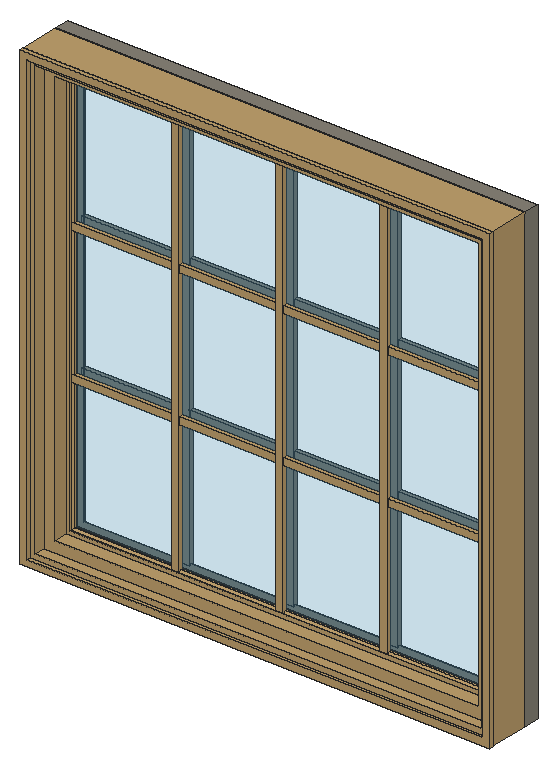
Revit family
Parameters (values of type "CUCAP4848")
  Window Type = "Clad Ultimate Casement Tripane Picture Unit"
  URL = "www.marvin.com"
  Prairie Corner Width = 0' - 4"
  Prairie Corner Height = 0' - 4"
  Nominal Width = 4' - 0"
  Nominal Height = 4' - 0"
  Muntins Interior Material = Wood-Marvin-Pine
  Muntins Exterior Material = Aluminum-Marvin-Bronze
  Model = "CUCAP4848"
  Manufacturer = "Marvin Windows and Doors"
  Lites Wide = 4
  Lites High = 3
  Lite Cut Prairie 9 = no
  Lite Cut HV Grid = not(Lite Cut Prairie 9)  # yes
  Label Visibility = no
  Interior Material = Wood-Marvin-Pine
  Glazing Material = Glass-Marvin-IG Low E II with Argon
  Glass Type = "IG Low E II with Argon - Tripane"
  Frame = "Aluminum Clad"
  Family created by = "www.rbuiltcomponents.com"
  Rough Width = Width + 0' 1"  # 4' - 1"
  Rough Height = Height + 0' 0 1/2"  # 3' - 11 5/8"
  Muntins Interior Visibility = yes
  Muntins Exterior Visibility = yes
  Jamb Extension Visibility = yes
  Inset to Installation Flange [instance] = 0' - 1"
  Height = Nominal Height - 0' 0 7/8"  # 3' - 11 1/8"
  Design Pressure = "DP50"
  Description = "4848 Fixed"
  Default Head Height = 8' - 0"
  Wall Closure = (empty or 0)
  Width = Nominal Width  # 4' - 0"
  Daylight Area = DLO Width * DLO Height  # 12.1033 SF
  DLO Width = Width - 0' 5 13/16"  # 3' - 6 3/16"
  DLO Height = Height - 0' 5 13/16"  # 3' - 5 5/16"
  Cladding Material = Aluminum-Marvin-Bronze
  Assembly Code = ""
Reference planes (in)
  plane 1 "Center (Front/Back)": y = 0
  plane 2: z = 0
  plane 3 "Center (Left/Right)": x = -3
  plane 4 "Left": x = -27
  plane 5 "Right": x = 21
  plane 6 "Sill": z = 48.875
  plane 7 "Top": z = 96
  plane 8 "Inset": y = 2
  plane 9 "Glazing": y = 1.5
  plane 10 "Jamb Ext Face": y = -2.5625
  plane 11: z = 72.4375
  plane 12: y = -2.625
Forms (in)
  Sweep 1, solid, material "Aluminum-Marvin-Bronze" <- "Cladding Material"
    path origin (0, 1.5, 0) x (1, 0, 0) y (0, 0, 1)
      loop
        line (-27, 96) -> (-27, 48.875) -> (21, 48.875) -> (21, 96) -> (-27, 96)
    profile "Profile_Ext_Clad_Frame : Profile_Ext_Clad_Frame" origin (-27, 1.5, 72.4375) x (1, 0, 0) y (0, -1, 0)
      loop
        line (0, 0) -> (0, -1.59375) -> (0.52105, -1.59375) -> (0.60565, -0.38401) -> (2.696, -0.38401) -> (2.696, -0.2654) -> (2.896, -0.0654) -> (2.896, 0) -> (0, 0)
  Sweep 2, solid, material "Wood-Marvin-Pine" <- "Interior Material"
    path origin (0, 1.5, 0) x (1, 0, 0) y (0, 0, 1)
      loop
        line (-27, 96) -> (-27, 48.875) -> (21, 48.875) -> (21, 96) -> (-27, 96)
    profile "Profile_Int_Frame : Profile_Int_Frame" origin (-27, 1.5, 72.4375) x (1, 0, 0) y (0, -1, 0)
      loop
        line (0, 0) -> (2.208, 0) -> (2.208, 1.0035) -> (2.896, 1.0035) -> (2.896, 1.20016) -> (2.7085, 1.38766) -> (2.7085, 1.4875) -> (2.30184, 1.4875) -> (2.30184, 2.96164) -> (1.188, 2.96164) -> (1.188, 4.0625) -> (0, 4.0625) -> (0, 0)
  Extrusion 3, solid, material "Wood-Marvin-Pine" <- "Interior Material", visible <- "Jamb Extension Visibility", detail levels medium+fine
    sketch origin (0, -2.5625, 0) x (1, 0, 0) y (0, 0, 1)
      loop
        line (-27, 96) -> (-27, 48.875) -> (21, 48.875) -> (21, 96) -> (-27, 96)
      loop
        line (-26.3125, 49.5625) -> (20.3125, 49.5625) -> (20.3125, 95.3125) -> (-26.3125, 95.3125) -> (-26.3125, 49.5625)
    from 0.0625 to 0.4375
  Extrusion 4, solid, material "Glass-Marvin-IG Low E II with Argon" <- "Glazing Material"
    sketch origin (0, 1.5, 0) x (1, 0, 0) y (0, 0, 1)
      loop
        line (18.65625, 93.65625) -> (-24.65625, 93.65625) -> (-24.65625, 51.21875) -> (18.65625, 51.21875) -> (18.65625, 93.65625)
    from 0 to 0.125
  Extrusion 5, solid, material "Glass-Marvin-IG Low E II with Argon" <- "Glazing Material"
    sketch origin (0, 1.5, 0) x (1, 0, 0) y (0, 0, 1)
      loop
        line (18.65625, 93.65625) -> (-24.65625, 93.65625) -> (-24.65625, 51.21875) -> (18.65625, 51.21875) -> (18.65625, 93.65625)
    from 0.875 to 1
Lines and regions (in)
  Opening 1
    outline origin (-60, -3, 0) x (1, 0, 0) y (0, 0, 1)
      loop
        line (33, 96) -> (33, 48.875) -> (81, 48.875) -> (81, 96) -> (33, 96)
  Masking region 1
    outline origin (0, 0, 48.875) x (0, -1, 0) y (1, 0, 0)
      loop
        line (-3.09375, -27) -> (2.5625, -27) -> (2.5625, 21) -> (-3.09375, 21) -> (-3.09375, -27)
  Masking region 2
    outline origin (-3, 0, 0) x (0, 1, 0) y (0, 0, 1)
      loop
        line (3.09375, 96) -> (-2.5625, 96) -> (-2.5625, 48.875) -> (3.09375, 48.875) -> (3.09375, 96)
  Masking region 3, visible <- "Jamb Extension Visibility"
    outline origin (0, 0, 0) x (1, 0, 0) y (0, 1, 0)
      loop
        line (-27, -2.625) -> (-27, -3) -> (21, -3) -> (21, -2.625) -> (-27, -2.625)
  Masking region 4, visible <- "Jamb Extension Visibility"
    outline origin (-3, 0, 0) x (0, 1, 0) y (0, 0, 1)
      loop
        line (-2.625, 96) -> (-3, 96) -> (-3, 48.875) -> (-2.625, 48.875) -> (-2.625, 96)
  symbolic lines, style "Jamb Extension", visible <- "Jamb Extension Visibility", detail levels fine
    curve 1: line (-27, -3, 48.875) -> (-26.3125, -3, 48.875)
    curve 2: line (-26.3125, -3, 48.875) -> (-26.3125, -2.625, 48.875)
    curve 3: line (21, -3, 48.875) -> (20.3125, -3, 48.875)
    curve 4: line (20.3125, -3, 48.875) -> (20.3125, -2.625, 48.875)
    curve 5: line (-3, -3, 95.3125) -> (-3, -2.625, 95.3125)
    curve 6: line (-3, -3, 49.5625) -> (-3, -2.625, 49.5625)
  symbolic lines, style "WindowsFrameMullionProjection", detail levels coarse+medium
    curve 7: line (21, -2.5625, 0) -> (19.812, -2.5625, 0)
    curve 8: line (19.812, -2.5625, 0) -> (19.812, 3.09375, 0)
    curve 9: line (19.812, 3.09375, 0) -> (21, 3.09375, 0)
    curve 10: line (19.812, 1.88401, 0) -> (18.104, 1.88401, 0)
    curve 11: line (18.104, 1.88401, 0) -> (18.104, 0.0125, 0)
    curve 12: line (-25.812, 0.0125, 0) -> (-24.13337, 0.0125, 0)
    curve 13: line (-27, -2.5625, 0) -> (-25.812, -2.5625, 0)
    curve 14: line (-25.812, -2.5625, 0) -> (-25.812, 3.09375, 0)
    curve 15: line (-25.812, 3.09375, 0) -> (-27, 3.09375, 0)
    curve 16: line (-24.13337, 1.88401, 0) -> (-24.13337, 0.0125, 0)
    curve 17: line (-3, 3.09375, 96) -> (-3, 3.09375, 94.812)
    curve 18: line (-3, 3.09375, 94.812) -> (-3, -2.5625, 94.812)
    curve 19: line (-3, -2.5625, 94.812) -> (-3, -2.5625, 96)
    curve 20: line (-3, 1.875, 94.812) -> (-3, 1.875, 93.104)
    curve 21: line (-3, 1.875, 93.104) -> (-3, 0.00901, 93.104)
    curve 22: line (-3, 0.00901, 50.063) -> (-3, 0.00901, 51.771)
    curve 23: line (-3, 3.09375, 48.875) -> (-3, 3.09375, 50.063)
    curve 24: line (-3, 3.09375, 50.063) -> (-3, -2.5625, 50.063)
    curve 25: line (-3, -2.5625, 50.063) -> (-3, -2.5625, 48.875)
    curve 26: line (-3, 1.875, 51.771) -> (-3, 0.00901, 51.771)
    curve 29: line (18.104, 1.88401, 0) -> (-24.13337, 1.88401, 0)
    curve 30: line (18.104, 0.0125, 0) -> (19.812, 0.0125, 0)
    curve 31: line (-24.13337, 0.0125, 0) -> (18.104, 0.0125, 0)
    curve 32: line (-24.13337, 1.88401, 0) -> (-25.812, 1.88401, 0)
    curve 33: line (-3, 0.00901, 51.771) -> (-3, 0.00901, 93.104)
    curve 34: line (-3, 1.875, 51.771) -> (-3, 1.875, 50.063)
    curve 35: line (-3, 0.00901, 93.104) -> (-3, 0.00901, 94.812)
    curve 36: line (-3, 1.875, 93.104) -> (-3, 1.875, 51.771)
  symbolic lines, style "WindowsGlassProjection", detail levels coarse+medium
    curve 27: line (-3, 1.07151, 93.104) -> (-3, 1.07151, 51.771)
    curve 28: line (-24.13337, 1.07351, 0) -> (18.104, 1.07351, 0)
  symbolic lines, style "WindowsFrameMullionProjection"
    curve 37: line (-3, -2.5625, 50.063) -> (-3, -2.5625, 94.812)
    curve 38: line (-25.812, -2.5625, 48.875) -> (19.812, -2.5625, 48.875)
  symbolic lines, style "WindowsFrameMullionProjection", visible <- "Jamb Extension Visibility", detail levels coarse+medium
    curve 39: line (-26.3125, -2.625, 48.875) -> (-26.3125, -3, 48.875)
    curve 40: line (-26.3125, -3, 48.875) -> (-27, -3, 48.875)
    curve 41: line (20.3125, -2.625, 48.875) -> (20.3125, -3, 48.875)
    curve 42: line (20.3125, -3, 48.875) -> (21, -3, 48.875)
    curve 45: line (-3, -2.625, 95.3125) -> (-3, -3, 95.3125)
    curve 46: line (-3, -3, 95.3125) -> (-3, -3, 96)
    curve 47: line (-3, -2.625, 49.5625) -> (-3, -3, 49.5625)
    curve 48: line (-3, -3, 49.5625) -> (-3, -3, 48.875)
  symbolic lines, style "Jamb Extension", visible <- "Jamb Extension Visibility"
    curve 43: line (-3, -3, 49.5625) -> (-3, -3, 48.875)
    curve 44: line (-3, -3, 95.3125) -> (-3, -3, 96)
Text (in)
  text "EXTERIOR" at (-58.6888, 50.90694, 0), in view "Ref. Level"
  text "INTERIOR" at (-58.6888, -37.76638, 0), in view "Ref. Level"
  text "Exterior" at (0, 43.65631, 123.19604), in view "Left"
  text "Exterior" at (0, 18.29385, 125.04747), in view "Right"
Dimensions and locks (in)
  equal spacing: plane 4 "Left", plane 3 "Center (Left/Right)", plane 5 "Right"
  "Width": plane 4 "Left" to plane 5 "Right"
  "Height": plane 6 "Sill" to plane 7 "Top"
  "Inset to Installation Flange": host wall to plane 8 "Inset"
  locked: plane 9 "Glazing" to plane 8 "Inset" at 0.5
  locked: plane 10 "Jamb Ext Face" to plane 8 "Inset" at 4.5625
  locked: Extrusion 4 sketch curve to plane 5 "Right" at 2.34375
  locked: plane 4 "Left" to Extrusion 4 sketch curve at 2.34375
  locked: Extrusion 4 sketch curve to plane 7 "Top" at 2.34375
  locked: plane 6 "Sill" to Extrusion 4 sketch curve at 2.34375
  plane 8 "Inset" to curve 20 to curve 35 = 0' - 0 1/8" locked, 0' - 1.86599" locked
  equal spacing: curve 30, curve 10, plane 8 "Inset"
  locked: nested 3 to plane 9 "Glazing" at 1
  equal spacing: plane 6 "Sill", plane 11, plane 7 "Top"
  "Default Head Height": plane 2 to plane 7 "Top"
  locked: Extrusion 3 sketch curve to Extrusion 3 sketch curve at 0.6875  (x2)
  locked: Sweep 2 to Extrusion 3 sketch curve at 0.6875
  locked: plane 7 "Top" to Extrusion 3 sketch curve at 0.6875
  locked: nested 5 to host wall at 12.00106
  locked: Extrusion 5 sketch curve to plane 7 "Top" at 2.34375
  locked: Extrusion 5 sketch curve to plane 5 "Right" at 2.34375
  locked: plane 6 "Sill" to Extrusion 5 sketch curve at 2.34375
  locked: plane 4 "Left" to Extrusion 5 sketch curve at 2.34375
  locked: plane 9 "Glazing" to Extrusion 4 at 0.125
  locked: plane 9 "Glazing" to Extrusion 5 at 0.875
  locked: plane 9 "Glazing" to Extrusion 5 at 1
  locked: Extrusion 5 to Extrusion 5 at 0.125
  locked: plane 12 to plane 10 "Jamb Ext Face" at 0.0625
  aligned and locked: plane 7 "Top" to Opening 1 sketch curve
  aligned and locked: plane 6 "Sill" to Opening 1 sketch curve  (x2)
  aligned and locked: plane 5 "Right" to Opening 1 sketch curve
  aligned and locked: plane 4 "Left" to Opening 1 sketch curve
  aligned and locked: nested 1 to plane 3 "Center (Left/Right)"
  aligned and locked: plane 8 "Inset" to nested 1
  aligned and locked: host wall to curve 1
  aligned and locked: curve 3 to host wall
  aligned and locked: plane 7 "Top" to Sweep 1 sketch curve
  aligned and locked: Sweep 1 sketch curve to plane 6 "Sill"
  aligned and locked: plane 5 "Right" to Sweep 1 sketch curve
  aligned and locked: Sweep 1 sketch curve to plane 4 "Left"
  aligned and locked: Sweep 2 sketch curve to plane 4 "Left"
  aligned and locked: plane 5 "Right" to Sweep 2 sketch curve
  aligned and locked: plane 7 "Top" to Sweep 2 sketch curve
  aligned and locked: Sweep 2 sketch curve to plane 6 "Sill"
  aligned and locked: plane 6 "Sill" to nested 2
  aligned and locked: plane 8 "Inset" to nested 2
  aligned and locked: Extrusion 3 sketch curve to plane 6 "Sill"
  aligned and locked: plane 5 "Right" to Extrusion 3 sketch curve
  aligned and locked: plane 11 to nested 3
  aligned and locked: plane 9 "Glazing" to nested 4
  aligned and locked: nested 4 to plane 11
  aligned and locked: nested 4 to plane 3 "Center (Left/Right)"
  aligned and locked: plane 3 "Center (Left/Right)" to nested 3
  aligned and locked: plane 5 "Right" to Masking region 1 sketch curve
  aligned and locked: Masking region 1 sketch curve to plane 4 "Left"
  aligned and locked: Masking region 1 sketch curve to Sweep 1
  aligned and locked: Masking region 2 sketch curve to Sweep 1
  aligned and locked: plane 7 "Top" to Masking region 2 sketch curve
  aligned and locked: Masking region 2 sketch curve to plane 6 "Sill"
  aligned and locked: host wall to Extrusion 3
  aligned and locked: Sweep 1 to curve 15
  aligned and locked: curve 9 to Sweep 1
  aligned and locked: curve 23 to Sweep 1
  aligned and locked: curve 17 to Sweep 1
  aligned and locked: plane 3 "Center (Left/Right)" to nested 5
  aligned and locked: Extrusion 3 sketch curve to plane 4 "Left"
  aligned and locked: plane 7 "Top" to Extrusion 3 sketch curve
  aligned and locked: curve 5 to Extrusion 3
  aligned and locked: curve 2 to Extrusion 3
  aligned and locked: curve 4 to Extrusion 3
  aligned and locked: plane 10 "Jamb Ext Face" to curve 13
  aligned and locked: curve 7 to plane 10 "Jamb Ext Face"
  aligned and locked: curve 38 to curve 14
  aligned and locked: curve 38 to curve 8
  aligned and locked: plane 10 "Jamb Ext Face" to curve 38
  aligned and locked: plane 4 "Left" to curve 40
  aligned and locked: curve 39 to Extrusion 3
  aligned and locked: curve 40 to host wall
  aligned and locked: plane 5 "Right" to curve 42
  aligned and locked: Extrusion 3 to curve 41
  aligned and locked: host wall to curve 42
  aligned and locked: curve 25 to plane 10 "Jamb Ext Face"
  aligned and locked: curve 24 to curve 37
  aligned and locked: plane 6 "Sill" to curve 43
  aligned and locked: curve 43 to Extrusion 3
  aligned and locked: curve 43 to host wall
  aligned and locked: plane 10 "Jamb Ext Face" to curve 19
  aligned and locked: plane 7 "Top" to curve 44
  aligned and locked: plane 7 "Top" to curve 46
  aligned and locked: host wall to curve 46
  aligned and locked: Extrusion 3 to curve 45
  aligned and locked: plane 6 "Sill" to curve 48
  aligned and locked: curve 47 to Extrusion 3
  aligned and locked: Sweep 2 to curve 37
  aligned and locked: Extrusion 4 to plane 9 "Glazing"
  aligned and locked: Sweep 1 to curve 10
  aligned and locked: Sweep 1 to curve 32
  aligned and locked: curve 12 to Sweep 2
  aligned and locked: Sweep 2 to curve 30
  aligned and locked: curve 8 to nested 1
  aligned and locked: Sweep 2 to curve 14
  aligned and locked: Extrusion 3 to plane 12
  aligned and locked: plane 12 to curve 2
  aligned and locked: plane 12 to curve 39
  aligned and locked: plane 12 to curve 4
  aligned and locked: plane 12 to curve 41
  aligned and locked: plane 12 to curve 5
  aligned and locked: plane 12 to curve 45
  aligned and locked: plane 12 to curve 6
  aligned and locked: plane 12 to curve 47
  aligned and locked: plane 12 to Masking region 3 sketch curve
  aligned and locked: Masking region 3 sketch curve to host wall
  aligned and locked: Masking region 3 sketch curve to plane 4 "Left"
  aligned and locked: plane 5 "Right" to Masking region 3 sketch curve
  aligned and locked: plane 12 to Masking region 4 sketch curve
  aligned and locked: Masking region 4 sketch curve to host wall
  aligned and locked: plane 7 "Top" to Masking region 4 sketch curve
  aligned and locked: Masking region 4 sketch curve to plane 6 "Sill"
  aligned and locked: Masking region 1 sketch curve to plane 10 "Jamb Ext Face"
  aligned and locked: Masking region 2 sketch curve to plane 10 "Jamb Ext Face"
  aligned and locked: curve 24 to Sweep 2
  aligned and locked: curve 34 to nested 2
  aligned and locked: curve 18 to Sweep 2
  aligned and locked: curve 21 to Sweep 2
  aligned and locked: curve 26 to Sweep 2
Automatic sketch dimensions
  curve 13 to plane 4 "Left" = 0' - 0"
  curve 15 to plane 4 "Left" = 0' - 0"
  curve 7 to plane 5 "Right" = 0' - 0"
  curve 9 to plane 5 "Right" = 0' - 0"
  plane 9 "Glazing" to curve 28 = 0' - 0.42649"
  curve 11 to curve 30 = 0' - 1.708"
  curve 1 to plane 4 "Left" = 0' - 0"
  curve 3 to plane 5 "Right" = 0' - 0"
  curve 12 to curve 16 = 0' - 1.67863"
  plane 6 "Sill" to curve 25 = 0' - 0"
  plane 6 "Sill" to curve 23 = 0' - 0"
  plane 7 "Top" to curve 17 = 0' - 0"
  plane 7 "Top" to curve 19 = 0' - 0"
  plane 9 "Glazing" to curve 27 = 0' - 0.42849"
Nested families (in)
  nested 1: "Casement_Plan_Detail" at (-3, 2, 48.875) x (-1, 0, 0) z (0, 0, -1), type "Casement_Plan_Detail", detail levels fine
    with Width 4' - 0"
  nested 2: "Casement_Section_Detail" at (-3, 2, 96) x (0, -1, 0) z (1, 0, 0), type "Casement_Section_Detail", detail levels fine
  nested 3: "Muntins" at (-3, 0.5, 15.78125), visible <- "Muntins Interior Visibility", Muntin Material <- "Muntins Interior Material", type "Muntins"
    with Muntin Material Wood-Marvin-Pine, GlazingWidth 3' - 6 3/16", GlazingHeight 3' - 5 5/16", Width 3' - 6 5/8", VerticalMuntins 3, LitesHorizontal 4, Height 3' - 5 3/4", Inset Vert 0' - 10 9/32", Inset Horiz 1' - 1.54167"
  nested 4: "Muntins" at (-3, 1.5, 15.78125), visible <- "Muntins Exterior Visibility", Muntin Material <- "Muntins Exterior Material", type "Muntins"
    with Muntin Material Aluminum-Marvin-Bronze, GlazingWidth 3' - 6 3/16", GlazingHeight 3' - 5 5/16", Width 3' - 6 5/8", VerticalMuntins 3, LitesHorizontal 4, Height 3' - 5 3/4", Inset Vert 0' - 10 9/32", Inset Horiz 1' - 1.54167"
  nested 5: "Label Annotation 1-16 w" at (-3, 15.00106, 0), visible <- "Label Visibility", type "Label Annotation 1-16 w"
Definition of nested family "Muntins"
  Parameters (values of type "Muntins")
    PrairieMuntVisible = no
    Prairie Corner Width = 0' - 4"
    Prairie Corner Height = 0' - 4"
    Muntin Extension = 0' - 0 7/16"
    GridMuntVisible = yes
    GlazingWidth = 2' - 0"
    GlazingHeight = 2' - 11 1/8"
    Width = GlazingWidth + Muntin Extension  # 2' - 0 7/16"
    VerticalMuntins = if(LitesHorizontal < 3, 2, LitesHorizontal - 1)  # 2
    VertMuntVisible = and(GridMuntVisible, LitesHorizontal > 2)  # yes
    MuntinWidth = 0' - 0 3/4"
    MuntinDepth [instance] = 0' - 0 3/8"
    Muntin Material [instance] = none
    LitesVertical = 3
    LitesHorizontal = 3
    HorizontalMuntins = if(LitesVertical < 3, 2, LitesVertical - 1)  # 2
    HorizMuntVisible = and(GridMuntVisible, LitesVertical > 2)  # yes
    Height = GlazingHeight + Muntin Extension  # 2' - 11 9/16"
    Inset Vert = if(LitesHorizontal < 3, (Width / 3) - (MuntinWidth / 2), (Width / LitesHorizontal) - (MuntinWidth / 2))  # 0' - 7.77083"
    Inset Horiz = if(LitesVertical < 3, (Height / 3) - (MuntinWidth / 2), (Height / LitesVertical) - (MuntinWidth / 2))  # 0' - 11.47917"
    CenterMuntinVertical = and(GridMuntVisible, LitesHorizontal = 2)  # no
    CenterMuntinHorizontal = and(GridMuntVisible, LitesVertical = 2)  # no
    Assembly Code = ""
  Reference planes (in)
    plane 1 "Center (Front/Back)": y = 0
    plane 2: z = 0
    plane 3 "Center (Left/Right)": x = 0
    plane 4: z = 35.78125
    plane 5: z = 53.5625
    plane 6: z = 71.34375
    plane 7: z = 59.86458
    plane 8: z = 47.26042
    plane 9: z = 71.125
    plane 10: z = 36
    plane 11: x = -12
    plane 12: x = 12
    plane 13: x = -4.44792
    plane 14: x = -12.21875
    plane 15: x = 12.21875
    plane 16: x = 4.44792
    plane 17: z = 67.125
    plane 18: z = 40
    plane 19: x = -8
    plane 20: x = 8
  Forms (in)
    Extrusion 1, solid, material <- "Muntin Material", visible <- "CenterMuntinVertical", detail levels medium+fine
      sketch origin (9, 0, 0) x (1, 0, 0) y (0, 0, 1)
        loop
          line (-9.375, 71.34375) -> (-9.375, 35.78125) -> (-8.625, 35.78125) -> (-8.625, 71.34375) -> (-9.375, 71.34375)
      from 0 to 0.375 <- "MuntinDepth"
    Extrusion 2, solid, material <- "Muntin Material", visible <- "CenterMuntinHorizontal", detail levels medium+fine
      sketch origin (-0.0013, 0, 14.6875) x (1, 0, 0) y (0, 0, 1)
        loop
          line (-12.21745, 39.25) -> (-12.21745, 38.5) -> (12.22005, 38.5) -> (12.22005, 39.25) -> (-12.21745, 39.25)
      from 0 to 0.375 <- "MuntinDepth"
    Extrusion 3, solid, material <- "Muntin Material", visible <- "VertMuntVisible", detail levels medium+fine
      sketch origin (4.92708, 0, -2.90625) x (1, 0, 0) y (0, 0, 1)
        loop
          line (-9.375, 74.25) -> (-9.375, 38.6875) -> (-8.625, 38.6875) -> (-8.625, 74.25) -> (-9.375, 74.25)
      from 0 to 0.375 <- "MuntinDepth"
    Extrusion 4, solid, material <- "Muntin Material", visible <- "HorizMuntVisible", detail levels medium+fine
      sketch origin (-3.09635, 0, 14.17708) x (1, 0, 0) y (0, 0, 1)
        loop
          line (-9.1224, 45.6875) -> (-9.1224, 44.9375) -> (15.3151, 44.9375) -> (15.3151, 45.6875) -> (-9.1224, 45.6875)
      from 0 to 0.375 <- "MuntinDepth"
    Extrusion 5, solid, material <- "Muntin Material", visible <- "HorizMuntVisible", detail levels medium+fine
      sketch origin (-3.09635, 0, 2.32292) x (1, 0, 0) y (0, 0, 1)
        loop
          line (-9.1224, 45.6875) -> (-9.1224, 44.9375) -> (15.3151, 44.9375) -> (15.3151, 45.6875) -> (-9.1224, 45.6875)
      from 0 to 0.375 <- "MuntinDepth"
    Extrusion 6, solid, material <- "Muntin Material", visible <- "VertMuntVisible", detail levels medium+fine
      sketch origin (13.07292, 0, -2.90625) x (1, 0, 0) y (0, 0, 1)
        loop
          line (-9.375, 74.25) -> (-9.375, 38.6875) -> (-8.625, 38.6875) -> (-8.625, 74.25) -> (-9.375, 74.25)
      from 0 to 0.375 <- "MuntinDepth"
    Extrusion 7, solid, material <- "Muntin Material", visible <- "PrairieMuntVisible", detail levels medium+fine
      sketch origin (1, 0, 0) x (1, 0, 0) y (0, 0, 1)
        loop
          line (-9, 71.34375) -> (-9, 35.78125) -> (-8.25, 35.78125) -> (-8.25, 71.34375) -> (-9, 71.34375)
      from 0 to 0.375 <- "MuntinDepth"
    Extrusion 8, solid, material <- "Muntin Material", visible <- "PrairieMuntVisible", detail levels medium+fine
      sketch origin (17, 0, 0) x (1, 0, 0) y (0, 0, 1)
        loop
          line (-9.75, 71.34375) -> (-9.75, 35.78125) -> (-9, 35.78125) -> (-9, 71.34375) -> (-9.75, 71.34375)
      from 0 to 0.375 <- "MuntinDepth"
    Extrusion 9, solid, material <- "Muntin Material", visible <- "PrairieMuntVisible", detail levels medium+fine
      sketch origin (-0.0013, 0, 28.25) x (1, 0, 0) y (0, 0, 1)
        loop
          line (-12.21745, 38.875) -> (-12.21745, 38.125) -> (12.22005, 38.125) -> (12.22005, 38.875) -> (-12.21745, 38.875)
      from 0 to 0.375 <- "MuntinDepth"
    Extrusion 10, solid, material <- "Muntin Material", visible <- "PrairieMuntVisible", detail levels medium+fine
      sketch origin (-0.0013, 0, 1.125) x (1, 0, 0) y (0, 0, 1)
        loop
          line (-12.21745, 39.625) -> (-12.21745, 38.875) -> (12.22005, 38.875) -> (12.22005, 39.625) -> (-12.21745, 39.625)
      from 0 to 0.375 <- "MuntinDepth"
  Cuts and joins
    joined: Extrusion 7, Extrusion 8, Extrusion 9, Extrusion 10
  Lines and regions (in)
    model lines, style "Muntins", visible <- "CenterMuntinHorizontal", detail levels coarse
      curve 1: line (-12.21875, 0, 53.5625) -> (12.21875, 0, 53.5625)
    model lines, style "Muntins", visible <- "HorizMuntVisible", detail levels coarse
      curve 2: line (-12.21875, 0, 59.48958) -> (12.21875, 0, 59.48958)
      curve 3: line (-12.21875, 0, 47.63542) -> (12.21875, 0, 47.63542)
    model lines, style "Muntins", visible <- "CenterMuntinVertical", detail levels coarse
      curve 4: line (0, 0, 71.34375) -> (0, 0, 35.78125)
    model lines, style "Muntins", visible <- "VertMuntVisible", detail levels coarse
      curve 5: line (-4.07292, 0, 71.34375) -> (-4.07292, 0, 35.78125)
      curve 6: line (4.07292, 0, 71.34375) -> (4.07292, 0, 35.78125)
    model lines, style "Muntins", visible <- "PrairieMuntVisible", detail levels coarse
      curve 7: line (-12.21875, 0, 66.75) -> (12.21875, 0, 66.75)
      curve 8: line (-12.21875, 0, 40.375) -> (12.21875, 0, 40.375)
      curve 9: line (-7.625, 0, 35.78125) -> (-7.625, 0, 71.34375)
      curve 10: line (7.625, 0, 35.78125) -> (7.625, 0, 71.34375)
  Dimensions and locks (in)
    "Inset Horiz": plane 6 to plane 7
    "Inset Horiz": plane 8 to plane 4
    equal spacing: plane 6, plane 5, plane 4
    "Height": plane 6 to plane 4
    "GlazingHeight": plane 9 to plane 10
    equal spacing: plane 9, plane 5, plane 10
    "GlazingWidth": plane 12 to plane 11
    equal spacing: plane 12, plane 3 "Center (Left/Right)", plane 11
    "MuntinWidth": Extrusion 1 sketch curve to Extrusion 1 sketch curve
    "Height": Extrusion 1 sketch curve to Extrusion 1 sketch curve
    "MuntinWidth": Extrusion 2 sketch curve to Extrusion 2 sketch curve
    "Width": Extrusion 2 sketch curve to Extrusion 2 sketch curve
    "MuntinWidth": Extrusion 3 sketch curve to Extrusion 3 sketch curve
    "Height": Extrusion 3 sketch curve to Extrusion 3 sketch curve
    "Width": plane 15 to plane 14
    equal spacing: plane 15, plane 3 "Center (Left/Right)", plane 14
    "Inset Vert": plane 13 to plane 14
    "Inset Vert": plane 15 to plane 16
    "MuntinWidth": Extrusion 4 sketch curve to Extrusion 4 sketch curve
    "Width": Extrusion 4 sketch curve to Extrusion 4 sketch curve
    "MuntinWidth": Extrusion 5 sketch curve to Extrusion 5 sketch curve
    "Width": Extrusion 5 sketch curve to Extrusion 5 sketch curve
    group 2 to group 3 = 0' - 0"  (x2)
    group 3 to group 2 = 0' - 11.85417"
    "MuntinWidth": Extrusion 6 sketch curve to Extrusion 6 sketch curve
    "Height": Extrusion 6 sketch curve to Extrusion 6 sketch curve
    group 4 to group 5 = 0' - 8.14583"
    group 4 to group 5 = 0' - 0"  (x2)
    "Prairie Corner Width": plane 19 to plane 11
    "Prairie Corner Width": plane 20 to plane 12
    "Prairie Corner Height": plane 9 to plane 17
    "Prairie Corner Height": plane 18 to plane 10
    "MuntinWidth": Extrusion 7 sketch curve to Extrusion 7 sketch curve
    "Height": Extrusion 7 sketch curve to Extrusion 7 sketch curve
    "MuntinWidth": Extrusion 8 sketch curve to Extrusion 8 sketch curve
    "Height": Extrusion 8 sketch curve to Extrusion 8 sketch curve
    "MuntinWidth": Extrusion 9 sketch curve to Extrusion 9 sketch curve
    "Width": Extrusion 9 sketch curve to Extrusion 9 sketch curve
    "MuntinWidth": Extrusion 10 sketch curve to Extrusion 10 sketch curve
    "Width": Extrusion 10 sketch curve to Extrusion 10 sketch curve
    aligned and locked: plane 6 to Extrusion 1  (x2)
    aligned and locked: Extrusion 1 to plane 4  (x3)
    aligned and locked: Extrusion 3 to plane 13  (x5)
    aligned and locked: Extrusion 3 to plane 4  (x3)
    aligned and locked: Extrusion 2 to plane 14
    aligned and locked: plane 15 to Extrusion 2
    aligned and locked: plane 6 to Extrusion 3
    aligned and locked: plane 7 to Extrusion 4
    aligned and locked: Extrusion 4 to plane 14
    aligned and locked: plane 15 to Extrusion 4
    aligned and locked: curve 1 to plane 5
    aligned and locked: plane 14 to curve 1
    aligned and locked: plane 15 to curve 1
    aligned and locked: Extrusion 5 to plane 14
    aligned and locked: Extrusion 5 to plane 8
    aligned and locked: plane 15 to Extrusion 5
    aligned and locked: Extrusion 5 to curve 3  (x2)
    aligned and locked: Extrusion 4 to curve 2  (x2)
    aligned and locked: curve 4 to plane 3 "Center (Left/Right)"
    aligned and locked: Extrusion 1 to curve 4  (x2)
    aligned and locked: Extrusion 3 to curve 5  (x2)
    aligned and locked: Extrusion 6 to curve 6  (x2)
    aligned and locked: Extrusion 6 to plane 16
    aligned and locked: plane 6 to Extrusion 6
    aligned and locked: plane 6 to curve 6
    aligned and locked: Extrusion 6 to plane 4
    aligned and locked: plane 4 to curve 6
    aligned and locked: cut or joined group of Extrusion 7, Extrusion 8, Extrusion 9, Extrusion 10 to plane 19
    aligned and locked: plane 20 to cut or joined group of Extrusion 7, Extrusion 8, Extrusion 9, Extrusion 10
    aligned and locked: plane 17 to cut or joined group of Extrusion 7, Extrusion 8, Extrusion 9, Extrusion 10
    aligned and locked: cut or joined group of Extrusion 7, Extrusion 8, Extrusion 9, Extrusion 10 to plane 18
    aligned and locked: cut or joined group of Extrusion 7, Extrusion 8, Extrusion 9, Extrusion 10 to curve 7  (x2)
    aligned and locked: cut or joined group of Extrusion 7, Extrusion 8, Extrusion 9, Extrusion 10 to curve 8  (x2)
    aligned and locked: cut or joined group of Extrusion 7, Extrusion 8, Extrusion 9, Extrusion 10 to curve 9  (x2)
    aligned and locked: cut or joined group of Extrusion 7, Extrusion 8, Extrusion 9, Extrusion 10 to curve 10  (x2)
  Automatic sketch dimensions
    Extrusion 1 sketch curve to plane 4 = 0' - 0"
    Extrusion 1 sketch curve to plane 3 "Center (Left/Right)" = 0' - 0 3/8"
    Extrusion 2 sketch curve to plane 14 = 0' - 0"
    Extrusion 2 sketch curve to plane 5 = 0' - 0 3/8"
    Extrusion 7 sketch curve to plane 4 = 0' - 0"
    Extrusion 7 sketch curve to plane 19 = 0' - 0"
    Extrusion 8 sketch curve to plane 4 = 0' - 0"
    Extrusion 8 sketch curve to plane 20 = 0' - 0 3/4"
    Extrusion 9 sketch curve to plane 14 = 0' - 0"
    Extrusion 9 sketch curve to plane 17 = 0' - 0 3/4"
    Extrusion 10 sketch curve to plane 14 = 0' - 0"
    Extrusion 10 sketch curve to plane 18 = 0' - 0"
    plane 19 to curve 9 = 0' - 0 3/8"
    curve 10 to plane 20 = 0' - 0 3/8"
    plane 18 to curve 8 = 0' - 0 3/8"
    curve 7 to plane 17 = 0' - 0 3/8"
Definition of nested family "Casement_Plan_Detail"
  Parameters (values of type "Casement_Plan_Detail")
    Width = 3' - 0"
    Assembly Code = ""
  Reference planes (in)
    plane 1 "Center (Front/Back)": y = 0
    plane 2: z = 0
    plane 3 "Center (Left/Right)": x = 0
    plane 4: x = -18
    plane 5: x = 18
  Lines and regions (in)
    detail lines, style "Cut Lines", in view "Ref. Level"
      curve 1: line (-15.647, -0.94049, 0) -> (15.647, -0.94049, 0)
      curve 2: line (-15.647, -1.06549, 0) -> (15.647, -1.06549, 0)
      curve 3: line (-15.647, -1.37799, 0) -> (15.647, -1.37799, 0)
      curve 4: line (-15.647, -1.50299, 0) -> (15.647, -1.50299, 0)
      curve 6: line (-15.647, -0.62799, 0) -> (15.647, -0.62799, 0)
      curve 7: line (-15.647, -0.50299, 0) -> (15.647, -0.50299, 0)
    detail lines, style "DetailComponentsHiddenLines", in view "Ref. Level"
      curve 5: line (-14.92484, -2.36899, 0) -> (14.96084, -2.36899, 0)
  Dimensions and locks (in)
    equal spacing: plane 4, plane 3 "Center (Left/Right)", plane 5
    "Width": plane 4 to plane 5
    aligned and locked: plane 1 "Center (Front/Back)" to nested 1
    aligned and locked: nested 1 to plane 4
    aligned and locked: plane 5 to nested 2
    aligned and locked: nested 2 to plane 1 "Center (Front/Back)"
    aligned and locked: nested 2 to nested 2
    aligned and locked: nested 1 to curve 5
    aligned and locked: curve 3 to nested 1  (x2)
    aligned and locked: nested 1 to curve 4
    aligned and locked: curve 2 to nested 1  (x2)
    aligned and locked: curve 1 to nested 1  (x2)
    aligned and locked: curve 6 to nested 1  (x2)
    aligned and locked: curve 7 to nested 1  (x2)
    aligned and locked: curve 4 to nested 1
    aligned and locked: nested 2 to curve 4
    aligned and locked: curve 3 to nested 2
    aligned and locked: curve 2 to nested 2
    aligned and locked: curve 1 to nested 2
    aligned and locked: curve 6 to nested 2
    aligned and locked: curve 7 to nested 2
  Automatic sketch dimensions
    curve 5 to curve 4 = 0' - 0.68616"
    curve 5 to curve 4 = 0' - 0.866"
  Nested families (in)
    nested 1: "Jamb_Detail" at (-18, 0, 0), type "Jamb_Detail", in view "Ref. Level"
    nested 2: "Jamb_Detail" at (18, 0, 0) x (-1, 0, 0) z (0, 0, 1), type "Jamb_Detail", in view "Ref. Level"
  Definition of nested family "Jamb_Detail"
    Parameters (values of type "Jamb_Detail")
      Assembly Code = ""
    Reference planes (in)
      plane 1 "Center (Front/Back)": y = 0
      plane 2: z = 0
      plane 3 "Center (Left/Right)": x = 0
    Lines and regions (in)
      detail lines, style "Cut Lines", in view "Ref. Level"
        curve 1: line (0, 4.56199, 0) -> (1.188, 4.56199, 0)
        curve 2: line (0, -1.09401, 0) -> (0, 4.56199, 0)
        curve 3: line (1.188, 4.56199, 0) -> (1.188, 0.52099, 0)
        curve 4: line (0.52105, -1.09401, 0) -> (0, -1.09401, 0)
        curve 5: line (0.637, 0.56409, 0) -> (0.52105, -1.09401, 0)
        curve 6: line (0.637, 0.56409, 0) -> (0.637, 1.98699, 0)
        curve 7: line (-1.5, 0, 0) -> (-0.15, 0, 0)
        curve 8: line (0, -0.04501, 0) -> (-1.5, -0.04501, 0)
        curve 9: line (-1.5, -0.04501, 0) -> (-1.5, 0, 0)
        curve 10: line (-0.15, 0.10999, 0) -> (0, 0.10999, 0)
        curve 11: line (-0.15, 0, 0) -> (-0.15, 0.10999, 0)
        curve 12: line (1.188, 3.46342, 0) -> (2.115, 3.46342, 0)
        curve 13: line (2.115, 3.46342, 0) -> (2.115, 2.86577, 0)
        curve 14: line (2.30184, 2.86577, 0) -> (2.30184, 2.34399, 0)
        curve 15: line (2.489, 2.34399, 0) -> (2.489, 1.98699, 0)
        curve 16: line (2.115, 2.86577, 0) -> (2.30184, 2.86577, 0)
        curve 17: line (0.805, 0.52099, 0) -> (1.188, 0.52099, 0)
        curve 18: line (0.805, 0.125, 0) -> (0.805, 0.52099, 0)
        curve 19: line (2.696, 0.125, 0) -> (0.805, 0.125, 0)
        curve 20: line (2.696, 0.24361, 0) -> (2.696, 0.125, 0)
        curve 21: line (2.896, 0.44361, 0) -> (2.696, 0.24361, 0)
        curve 22: line (2.208, 0.47297, 0) -> (2.896, 0.47297, 0)
        curve 23: line (2.208, 1.50299, 0) -> (2.208, 0.47297, 0)
        curve 24: line (2.896, 1.50299, 0) -> (2.208, 1.50299, 0)
        curve 25: line (2.896, 1.67399, 0) -> (2.896, 1.50299, 0)
        curve 26: line (2.677, 1.98699, 0) -> (2.677, 1.89299, 0)
        curve 27: line (0.637, 1.98699, 0) -> (2.677, 1.98699, 0)
        curve 28: line (2.896, 0.47297, 0) -> (2.896, 0.44361, 0)
        curve 29: line (2.677, 1.89299, 0) -> (2.896, 1.67399, 0)
        curve 30: line (2.30184, 2.71899, 0) -> (2.98516, 2.71899, 0)
        curve 31: line (2.88116, 2.34399, 0) -> (2.30184, 2.34399, 0)
        curve 32: line (2.88116, 2.57074, 0) -> (2.88116, 2.34399, 0)
        curve 33: line (3.00316, 2.57074, 0) -> (2.88116, 2.57074, 0)
        curve 34: line (3.07516, 2.61899, 0) -> (3.07516, 2.36799, 0)
        curve 35: line (3.00316, 2.36799, 0) -> (3.00316, 2.57074, 0)
        curve 36: line (3.00316, 2.36799, 0) -> (3.07516, 2.36799, 0)
        curve 37: line (2.98516, 2.71899, 0) -> (2.98516, 2.61899, 0)
        curve 38: line (2.98516, 2.61899, 0) -> (3.07516, 2.61899, 0)
        curve 39: line (2.353, 1.37799, 0) -> (2.353, 1.50299, 0)
        curve 40: line (2.42675, 1.06549, 0) -> (2.42675, 1.37799, 0)
        curve 41: line (2.67675, 1.06549, 0) -> (2.67675, 1.37799, 0)
        curve 42: line (2.353, 0.50299, 0) -> (2.353, 0.62799, 0)
        curve 43: line (2.353, 0.94049, 0) -> (2.353, 1.06549, 0)
        curve 44: line (2.42675, 0.62799, 0) -> (2.42675, 0.94049, 0)
        curve 45: line (2.67675, 0.62799, 0) -> (2.67675, 0.94049, 0)
Definition of nested family "Casement_Section_Detail"
  Parameters (values of type "Casement_Section_Detail")
    Height = 3' - 11 1/8"
    Assembly Code = ""
  Reference planes (in)
    plane 1 "Center (Front/Back)": y = 0
    plane 2: z = 0
    plane 3 "Center (Left/Right)": x = 0
    plane 4: y = 47.125
  Lines and regions (in)
    detail lines, style "Cut Lines", in view "Ref. Level"
      curve 1: line (0.94049, 44.772, 0) -> (0.94049, 2.353, 0)
      curve 2: line (1.06549, 44.772, 0) -> (1.06549, 2.353, 0)
      curve 3: line (1.37799, 44.772, 0) -> (1.37799, 2.353, 0)
      curve 4: line (1.50299, 44.772, 0) -> (1.50299, 2.353, 0)
      curve 6: line (0.62799, 44.772, 0) -> (0.62799, 2.353, 0)
      curve 7: line (0.50299, 44.772, 0) -> (0.50299, 2.353, 0)
    detail lines, style "DetailComponentsHiddenLines", in view "Ref. Level"
      curve 5: line (2.36799, 3.28429, 0) -> (2.36799, 44.04984, 0)
  Dimensions and locks (in)
    "Height": plane 4 to plane 1 "Center (Front/Back)"
    aligned and locked: plane 1 "Center (Front/Back)" to nested 1
    aligned and locked: plane 3 "Center (Left/Right)" to nested 1
    aligned and locked: nested 2 to plane 4
    aligned and locked: plane 3 "Center (Left/Right)" to nested 2
    aligned and locked: nested 1 to curve 5  (x2)
    aligned and locked: nested 2 to curve 5
    aligned and locked: nested 1 to curve 4
    aligned and locked: curve 3 to nested 1  (x2)
    aligned and locked: curve 2 to nested 1  (x2)
    aligned and locked: curve 1 to nested 1  (x2)
    aligned and locked: curve 6 to nested 1  (x2)
    aligned and locked: curve 7 to nested 1  (x2)
    aligned and locked: curve 4 to nested 1
    aligned and locked: nested 2 to curve 4
    aligned and locked: curve 3 to nested 2
    aligned and locked: curve 2 to nested 2
    aligned and locked: curve 1 to nested 2
    aligned and locked: curve 6 to nested 2
    aligned and locked: curve 7 to nested 2
  Nested families (in)
    nested 1: "Sill_Detail" at (0, 0, 0), type "Sill_Detail", in view "Ref. Level"
    nested 2: "Head_Detail" at (0, 47.125, 0), type "Head_Detail", in view "Ref. Level"
  Definition of nested family "Sill_Detail"
    Parameters (values of type "Sill_Detail")
      Assembly Code = ""
    Reference planes (in)
      plane 1 "Center (Front/Back)": y = 0
      plane 2: z = 0
      plane 3 "Center (Left/Right)": x = 0
    Lines and regions (in)
      detail lines, style "Cut Lines", in view "Ref. Level"
        curve 1: line (4.56199, 0, 0) -> (4.56199, 1.188, 0)
        curve 2: line (-1.09401, 0, 0) -> (4.56199, 0, 0)
        curve 3: line (4.56199, 1.188, 0) -> (0.52099, 1.188, 0)
        curve 4: line (-1.09401, 0.52105, 0) -> (-1.09401, 0, 0)
        curve 5: line (0.56409, 0.637, 0) -> (-1.09401, 0.52105, 0)
        curve 6: line (0.56409, 0.637, 0) -> (1.98699, 0.637, 0)
        curve 7: line (0, -1.5, 0) -> (0, -0.15, 0)
        curve 8: line (-0.04501, 0, 0) -> (-0.04501, -1.5, 0)
        curve 9: line (-0.04501, -1.5, 0) -> (0, -1.5, 0)
        curve 10: line (0.10999, -0.15, 0) -> (0.10999, 0, 0)
        curve 11: line (0, -0.15, 0) -> (0.10999, -0.15, 0)
        curve 12: line (3.46342, 1.188, 0) -> (3.46342, 2.51098, 0)
        curve 13: line (3.46342, 2.51098, 0) -> (1.98699, 2.51098, 0)
        curve 14: line (1.50299, 2.896, 0) -> (1.50299, 2.208, 0)
        curve 15: line (1.67399, 2.896, 0) -> (1.50299, 2.896, 0)
        curve 16: line (1.98699, 2.677, 0) -> (1.89299, 2.677, 0)
        curve 17: line (1.98699, 0.637, 0) -> (1.98699, 2.677, 0)
        curve 18: line (1.89299, 2.677, 0) -> (1.67399, 2.896, 0)
        curve 19: line (2.71899, 2.51098, 0) -> (2.71899, 3.19429, 0)
        curve 20: line (2.34399, 3.09029, 0) -> (2.34399, 2.51098, 0)
        curve 21: line (2.57074, 3.09029, 0) -> (2.34399, 3.09029, 0)
        curve 22: line (2.57074, 3.21229, 0) -> (2.57074, 3.09029, 0)
        curve 23: line (2.61899, 3.28429, 0) -> (2.36799, 3.28429, 0)
        curve 24: line (2.36799, 3.21229, 0) -> (2.57074, 3.21229, 0)
        curve 25: line (2.36799, 3.21229, 0) -> (2.36799, 3.28429, 0)
        curve 26: line (2.71899, 3.19429, 0) -> (2.61899, 3.19429, 0)
        curve 27: line (2.61899, 3.19429, 0) -> (2.61899, 3.28429, 0)
        curve 28: line (0.52099, 0.805, 0) -> (0.52099, 1.188, 0)
        curve 29: line (0.125, 0.805, 0) -> (0.52099, 0.805, 0)
        curve 30: line (0.125, 2.696, 0) -> (0.125, 0.805, 0)
        curve 31: line (0.24361, 2.696, 0) -> (0.125, 2.696, 0)
        curve 32: line (0.44361, 2.896, 0) -> (0.24361, 2.696, 0)
        curve 33: line (0.47297, 2.208, 0) -> (0.47297, 2.896, 0)
        curve 34: line (1.50299, 2.208, 0) -> (0.47297, 2.208, 0)
        curve 35: line (0.47297, 2.896, 0) -> (0.44361, 2.896, 0)
        curve 36: line (1.37799, 2.353, 0) -> (1.50299, 2.353, 0)
        curve 37: line (1.06549, 2.42675, 0) -> (1.37799, 2.42675, 0)
        curve 38: line (1.06549, 2.67675, 0) -> (1.37799, 2.67675, 0)
        curve 39: line (0.50299, 2.353, 0) -> (0.62799, 2.353, 0)
        curve 40: line (0.94049, 2.353, 0) -> (1.06549, 2.353, 0)
        curve 41: line (0.62799, 2.42675, 0) -> (0.94049, 2.42675, 0)
        curve 42: line (0.62799, 2.67675, 0) -> (0.94049, 2.67675, 0)
  Definition of nested family "Head_Detail"
    Parameters (values of type "Head_Detail")
      Assembly Code = ""
    Reference planes (in)
      plane 1 "Center (Front/Back)": y = 0
      plane 2: z = 0
      plane 3 "Center (Left/Right)": x = 0
    Lines and regions (in)
      detail lines, style "Cut Lines", in view "Ref. Level"
        curve 1: line (4.56199, 0, 0) -> (4.56199, -1.188, 0)
        curve 2: line (-1.09401, 0, 0) -> (4.56199, 0, 0)
        curve 3: line (4.56199, -1.188, 0) -> (0.52099, -1.188, 0)
        curve 4: line (-1.09401, -0.52105, 0) -> (-1.09401, 0, 0)
        curve 5: line (0.56409, -0.637, 0) -> (-1.09401, -0.52105, 0)
        curve 6: line (0.56409, -0.637, 0) -> (1.98699, -0.637, 0)
        curve 7: line (0, 1.5, 0) -> (0, 0.15, 0)
        curve 8: line (-0.04501, 0, 0) -> (-0.04501, 1.5, 0)
        curve 9: line (-0.04501, 1.5, 0) -> (0, 1.5, 0)
        curve 10: line (0.10999, 0.15, 0) -> (0.10999, 0, 0)
        curve 11: line (0, 0.15, 0) -> (0.10999, 0.15, 0)
        curve 12: line (3.46342, -1.188, 0) -> (3.46342, -2.30184, 0)
        curve 13: line (3.46342, -2.30184, 0) -> (2.34399, -2.30184, 0)
        curve 14: line (2.34399, -2.489, 0) -> (1.98699, -2.489, 0)
        curve 15: line (1.50299, -2.896, 0) -> (1.50299, -2.208, 0)
        curve 16: line (1.67399, -2.896, 0) -> (1.50299, -2.896, 0)
        curve 17: line (1.98699, -2.677, 0) -> (1.89299, -2.677, 0)
        curve 18: line (1.98699, -0.637, 0) -> (1.98699, -2.677, 0)
        curve 19: line (1.89299, -2.677, 0) -> (1.67399, -2.896, 0)
        curve 20: line (2.71899, -2.30184, 0) -> (2.71899, -2.98516, 0)
        curve 21: line (2.34399, -2.88116, 0) -> (2.34399, -2.30184, 0)
        curve 22: line (2.57074, -2.88116, 0) -> (2.34399, -2.88116, 0)
        curve 23: line (2.57074, -3.00316, 0) -> (2.57074, -2.88116, 0)
        curve 24: line (2.61899, -3.07516, 0) -> (2.36799, -3.07516, 0)
        curve 25: line (2.36799, -3.00316, 0) -> (2.57074, -3.00316, 0)
        curve 26: line (2.36799, -3.00316, 0) -> (2.36799, -3.07516, 0)
        curve 27: line (2.71899, -2.98516, 0) -> (2.61899, -2.98516, 0)
        curve 28: line (2.61899, -2.98516, 0) -> (2.61899, -3.07516, 0)
        curve 29: line (0.52099, -0.805, 0) -> (0.52099, -1.188, 0)
        curve 30: line (0.125, -0.805, 0) -> (0.52099, -0.805, 0)
        curve 31: line (0.125, -2.696, 0) -> (0.125, -0.805, 0)
        curve 32: line (0.24361, -2.696, 0) -> (0.125, -2.696, 0)
        curve 33: line (0.44361, -2.896, 0) -> (0.24361, -2.696, 0)
        curve 34: line (0.47297, -2.208, 0) -> (0.47297, -2.896, 0)
        curve 35: line (1.50299, -2.208, 0) -> (0.47297, -2.208, 0)
        curve 36: line (0.47297, -2.896, 0) -> (0.44361, -2.896, 0)
        curve 37: line (1.37799, -2.353, 0) -> (1.50299, -2.353, 0)
        curve 38: line (1.06549, -2.42675, 0) -> (1.37799, -2.42675, 0)
        curve 39: line (1.06549, -2.67675, 0) -> (1.37799, -2.67675, 0)
        curve 40: line (0.50299, -2.353, 0) -> (0.62799, -2.353, 0)
        curve 41: line (0.94049, -2.353, 0) -> (1.06549, -2.353, 0)
        curve 42: line (0.62799, -2.42675, 0) -> (0.94049, -2.42675, 0)
        curve 43: line (0.62799, -2.67675, 0) -> (0.94049, -2.67675, 0)
Definition of nested family "Label Annotation 1-16 w"
  Parameters
    Label = ""
    Egress Info = ""
    Description = "3040 Csmt"
  Reference planes (in)
    plane 1: y = 0
    plane 2: x = 0
  Text (in)
    label "Description Egress Info" at (0.00375, -0.00345, 0), shows "Description", "Egress Info"
